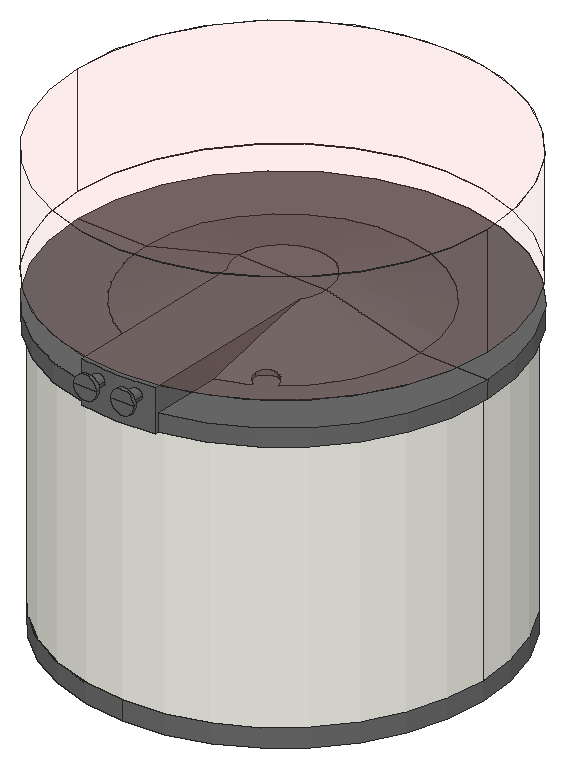
Revit family
Parameters (values of type "1098A")
  Watermarked By = "http://revitwatermark.com"
  Water_Ice Tank Volume = "980 Gallons"
  Warning = "Ice tanks are a component in an ice storage system including chillers, pumps, and controls. Contact CALMAC for IceBank® selection support to make sure all system components will work together properly."
  URL = "http://www.calmac.com/"
  Total Cooling Capacity [instance] = 0.0 ton
  Tank Net Usable Capacity = "98 Ton-Hrs"
  Surface Finish = Plastic- Calmac- Black
  Supply Coolant Temperature [instance] = -459.67 °F
  Storage Inlet Temperature [instance] = 60 °F
  Shipping Weight = 1225.00 lbf
  Return Coolant Temperature [instance] = -459.67 °F
  Requires Plate Heat Exchanger [instance] = no
  Project/Customer = ""
  Product Page URL = "http://www.calmac.com/products/icebank.asp"
  Product Documentation Link = "http://www.calmac.com/products/documents/IceBankModel1098ACS-25June2009.pdf"
  Pressure Drop [instance] = 0.00 psi
  Precool Hours [instance] = 0
  Pipe Material = Plastic- Calmac- Black
  Operating Weight = 10100.00 lbf
  Occupied Hours [instance] = 0
  Model = "1098A"
  Maximum Operating Temperature = "38°C"
  Maximum Operating Pressure = "620 kPa"
  Manufacturer e-mail = "info@Calmac.com"
  Manufacturer Contact Details = "CALMAC Manufacturing Corporation Headquarters, 3-00 Banta Place, Fair Lawn, NJ  07410, Tel: (201) 797-1511, Fax: (201) 797-1522"
  Manufacturer = "CALMAC Manufacturing Corp."  # constant formula
  Main Use [instance] = ""
  Location [instance] = ""
  Lid Diameter = 7' - 5"  # constant formula
  Leg 4 = 3' - 8 1/2"  # constant formula
  Leg 1 = 3' - 8 1/2"  # constant formula
  Latent Cooling Capacity [instance] = 0.0 ton
  Inlet Outlet Center Height = 5' - 5 1/2"  # constant formula
  Heat Exchanger Volume = "980 Gallons"
  Has Rigging Bar [instance] = no
  Has Plate and Frame Heat Exchanger [instance] = no
  Has Ice Inventory Meter [instance] = no
  Has Heat Transfer Fluid [instance] = no
  Has Glycol Management System [instance] = no
  Front Connector Offset = 4' - 0 1/2"  # constant formula
  Floor Loading Weight = "234 lb/sq.ft."
  Factory Tested Pressure = "1724 kPa"
  Diversity Factor [instance] = 0
  Discharge Rate [instance] = 0
  Discharge Hours [instance] = 0
  Description = "Off-Peak Cooling System"
  Is Clearance Box Visible [instance] = yes
  Clearance Box Height = 2' - 0"  # constant formula
  City/State [instance] = ""
  CTRL On = yes
  CTRL Off = not(CTRL On)  # no
  CTRL Hydronic Supply Description = "Hydronic Supply"  # constant formula
  CTRL Hydronic Return Description = "Hydronic Return"  # constant formula
  CTRL Base Radius = 3' - 7 31/64"  # constant formula
  Body Material = Plastic- Calmac- Off_White
  Has Solid Base [instance] = yes
  Base Height = Inlet Outlet Center Height - 0' 6 1/4"  # 4' - 11 1/4"
  Base Finish = Plastic- Calmac- Black
  Assembly Code = "D3030300"
  Actual Chilled Water Flow [instance] = 0 GPM
Values of the unnamed type that differ from the named types
  Watermarked By = ""
Reference planes (in)
  plane 1 "Center (Front/Back)": y = 0
  plane 2 "Bottom": z = 0
  plane 3 "Center (Left/Right)": x = 0
  plane 4 "T.O. Base": z = 59
  plane 5 "Inlet/Outlet Center (Elevation)": z = 65.5
  plane 6 "Right": x = 44.5
  plane 7 "Left": x = -44.5
  plane 8 "Connector Front Face": y = -48.5
  plane 9 "T.O. Lid": z = 68
  plane 10 "Top": z = 92.25
  plane 11 "Lid Front": y = -44.5
  plane 12 "Back": y = 44.5
  plane 13 "Right Connector Center (L/R)": x = 3.99933
  plane 14 "Left Connector Center(L/R)": x = -3.99016
Dimensions and locks (in)
  "Leg 1": plane 3 "Center (Left/Right)" to plane 6 "Right"
  "Leg 4": plane 7 "Left" to plane 3 "Center (Left/Right)"
  "Front Connector Offset": plane 8 "Connector Front Face" to plane 1 "Center (Front/Back)"
  "Inlet Outlet Center Height": plane 5 "Inlet/Outlet Center (Elevation)" to plane 2 "Bottom"
  locked: plane 5 "Inlet/Outlet Center (Elevation)" to plane 4 "T.O. Base" at 6.5
  locked: plane 9 "T.O. Lid" to plane 5 "Inlet/Outlet Center (Elevation)" at 2.5
  locked: plane 10 "Top" to plane 5 "Inlet/Outlet Center (Elevation)" at 26.75
  locked: plane 1 "Center (Front/Back)" to plane 12 "Back" at 44.5
  locked: plane 11 "Lid Front" to plane 1 "Center (Front/Back)" at 44.5
  locked: plane 13 "Right Connector Center (L/R)" to plane 3 "Center (Left/Right)" at 3.99933
  locked: plane 3 "Center (Left/Right)" to plane 14 "Left Connector Center(L/R)" at 3.99016
  aligned and locked: plane 1 "Center (Front/Back)" to nested 1
  aligned and locked: plane 3 "Center (Left/Right)" to nested 1
  aligned and locked: plane 1 "Center (Front/Back)" to nested 2
  aligned: plane 4 "T.O. Base" to nested 2
  aligned and locked: plane 4 "T.O. Base" to nested 2
  aligned and locked: plane 3 "Center (Left/Right)" to nested 2
  aligned and locked: plane 2 "Bottom" to nested 1
Nested families (in)
  nested 1: "Cooling_Plant_Accessories-Calmac-IceBank-Base" at (0, 0, 0), type "Base"
    with Is Symbolic Line Visible no, Has Solid Base yes, CTRL Inner Wall Radius 3' - 6 39/64", CTRL Base Radius 3' - 7 31/64", Base Height 4' - 11 1/4"
  nested 2: "Cooling_Plant_Accessories-Calmac-IceBank-Lid_A" at (0, 0, 59), Is Clearance Box Visible <- "Is Clearance Box Visible", Clearance Box Height <- "Clearance Box Height", Diameter <- "Lid Diameter", type "Lid-A"
    with Is Clearance Box Visible yes, Diameter 7' - 5", Clearance Box Height 2' - 0", CTRL Symbolic Line Offset 0' - 6", CTRL Radius 3' - 8 1/2", CTRL Clearance Box Height 2' - 9"
Connectors (in)
  piping at (-3.99016, -48.5, 65.5), driven by "CTRL Hydronic Supply Description", driven by "Actual Chilled Water Flow"
    settings: on nested 2, index 1, connector radius 1", flow factor 0, pipe flow 0 GPM, pressure drop 0.00 psi, fitting loss kfactor 0, connector angle 0.00°, fixture units 0, flow configuration 0, flow direction 2, fitting loss method 0, system type 7, connector reference index -1, connector utility 0, adjustable connector no, is connector primary yes, fitting loss table "", connector description "Hydronic Supply"
  piping at (3.99933, -48.5, 65.5), driven by "Actual Chilled Water Flow", driven by "CTRL Hydronic Return Description"
    settings: on nested 2, index 2, connector radius 1", flow factor 0, pipe flow 0 GPM, pressure drop 0.00 psi, fitting loss kfactor 0, connector angle 0.00°, fixture units 0, flow configuration 0, flow direction 1, fitting loss method 0, system type 8, connector reference index -1, connector utility 0, adjustable connector no, is connector primary no, fitting loss table "", connector description "Hydronic Return"
Definition of nested family "Cooling_Plant_Accessories-Calmac-IceBank-Base"
  Parameters (values of type "Base")
    Wall Thickness = 0' - 0 7/8"
    URL = "http://www.calmac.com/"
    Type Comments = ""
    Is Symbolic Line Visible = not(Has Solid Base)  # yes
    Has Solid Base = no
    Model = ""
    Manufacturer = "CALMAC Manufacturing Corp."  # constant formula
    CTRL Inner Wall Radius = CTRL Base Radius - Wall Thickness  # 3' - 0"
    CTRL Base Radius = 3' - 0 7/8"
    Body Material = Plastic- Calmac- Off_White
    Base Height = 3' - 7 5/16"
    Base Finish = Plastic- Calmac- Black
    Assembly Code = "D3030"
  Reference planes (in)
    plane 1 "Center (Front/Back)": y = 0
    plane 2 "Bottom": z = 0
    plane 3 "Center (Left/Right)": x = 0
    plane 4 "Back": y = 36.875
    plane 5 "Front": y = -36.875
    plane 6 "Right": x = 36.875
    plane 7 "Left": x = -36.875
    plane 8 "T.O. Base Plate": z = 4
    plane 9 "Right Edge of Right Void": x = 24.125
    plane 10 "Left Edge of Right Void": x = 13.125
    plane 11 "Left Edge of Left Void": x = -24.125
    plane 12 "Right Edge of Left Void": x = -13.125
    plane 13 "T.O. Base Void": z = 2
    plane 14 "T.O. Base": z = 43.3125
  Forms (in)
    Extrusion 1, solid, material "Plastic- Calmac- Black" <- "Base Finish", visible <- "Is Symbolic Line Visible", detail levels fine
      sketch origin (0, 0, 0) x (1, 0, 0) y (0, 1, 0)
        loop
          circle (0, 0) r 36.875
      from 0 to 4
    Extrusion 2, void
      sketch origin (0, 0, 0) x (1, 0, 0) y (0, 1, 0)
        loop
          line (-24.125, 36.875) -> (-24.125, -36.875) -> (-13.125, -36.875) -> (-13.125, 36.875) -> (-24.125, 36.875)
        loop
          line (13.125, 36.875) -> (13.125, -36.875) -> (24.125, -36.875) -> (24.125, 36.875) -> (13.125, 36.875)
      from 0 to 2
    Extrusion 3, solid, material "Plastic- Calmac- Off_White" <- "Body Material", detail levels fine
      sketch origin (0, 0, 0) x (1, 0, 0) y (0, 1, 0)
        loop
          circle (0, 0) r 36.875
        loop
          circle (0, 0) r 36
      from 4 to 43.3125
    Extrusion 4, solid, material "Plastic- Calmac- Black" <- "Base Finish", visible <- "Has Solid Base", detail levels fine
      sketch origin (0, 0, 43.3125) x (0, -1, 0) y (1, 0, 0)
        loop
          circle (0, 0) r 36.875
      from -43.3125 to -39.3125
  Cuts and joins
    Extrusion 2 cuts Extrusion 3
    Extrusion 2 cuts Extrusion 1
  Lines and regions (in)
    Masking region 1
      outline origin (0, 0, 0) x (1, 0, 0) y (0, 1, 0)
        loop
          circle (0, 0) r 36.875
    Masking region 2
      outline origin (0, 0, 0) x (1, 0, 0) y (0, 0, 1)
        loop
          line (-36.875, 0) -> (36.875, 0) -> (36.875, 43.3125) -> (-36.875, 43.3125) -> (-36.875, 0)
    Masking region 3
      outline origin (0, 0, 0) x (0, 1, 0) y (0, 0, 1)
        loop
          line (-36.875, 0) -> (36.875, 0) -> (36.875, 43.3125) -> (-36.875, 43.3125) -> (-36.875, 0)
    symbolic lines, style "Base", detail levels medium+fine
      curve 1: line (-36.875, 0, 4) -> (36.875, 0, 4)
      curve 8: line (0, -36.875, 4) -> (0, 36.875, 4)
    symbolic lines, style "Base", visible <- "Is Symbolic Line Visible", detail levels medium+fine
      curve 2: line (-24.125, 0, 0) -> (-24.125, 0, 2)
      curve 3: line (-24.125, 0, 2) -> (-13.125, 0, 2)
      curve 4: line (13.125, 0, 2) -> (24.125, 0, 2)
      curve 5: line (13.125, 0, 0) -> (13.125, 0, 2)
      curve 6: line (24.125, 0, 0) -> (24.125, 0, 2)
      curve 7: line (-13.125, 0, 0) -> (-13.125, 0, 2)
    model lines, style "Base", detail levels medium
      curve 9: circle (0, 0, 43.3125) r 36.875 normal (0, 0, 1)
      curve 10: circle (0, 0, 4) r 36.875 normal (0, 0, 1)
      curve 11: circle (0, 0, 0) r 36.875 normal (0, 0, 1)
      curve 12: line (36.875, 0, 0) -> (36.875, 0, 43.3125)
      curve 13: line (-36.875, 0, 0) -> (-36.875, 0, 43.3125)
      curve 14: line (0, -36.875, 0) -> (0, -36.875, 43.3125)
      curve 15: line (0, 36.875, 0) -> (0, 36.875, 43.3125)
    model lines, style "Base", detail levels coarse
      curve 16: line (0, 0, 0) -> (0, 0, 43.3125)
  Dimensions and locks (in)
    locked: plane 7 "Left" to plane 11 "Left Edge of Left Void" at 12.75
    locked: plane 7 "Left" to plane 12 "Right Edge of Left Void" at 23.75
    locked: plane 9 "Right Edge of Right Void" to plane 6 "Right" at 12.75
    locked: plane 10 "Left Edge of Right Void" to plane 6 "Right" at 23.75
    "CTRL Base Radius": plane 7 "Left" to plane 3 "Center (Left/Right)"
    "CTRL Base Radius": plane 3 "Center (Left/Right)" to plane 6 "Right"
    "CTRL Base Radius": plane 1 "Center (Front/Back)" to plane 4 "Back"
    "CTRL Base Radius": plane 5 "Front" to plane 1 "Center (Front/Back)"
    locked: plane 8 "T.O. Base Plate" to plane 2 "Bottom" at 4
    "Base Height": plane 14 "T.O. Base" to plane 2 "Bottom"
    locked: plane 13 "T.O. Base Void" to plane 2 "Bottom" at 2
    "CTRL Base Radius": radius of Extrusion 1 sketch curve
    "CTRL Base Radius": radius of Extrusion 3 sketch curve
    "CTRL Inner Wall Radius": radius of Extrusion 3 sketch curve
    "CTRL Base Radius": radius of Masking region 1 sketch curve
    "CTRL Base Radius": radius of curve 9
    "CTRL Base Radius": radius of curve 10
    "CTRL Base Radius": radius of curve 11
    "CTRL Base Radius": radius of Extrusion 4 sketch curve
    aligned and locked: plane 3 "Center (Left/Right)" to Extrusion 1 sketch curve
    aligned and locked: plane 1 "Center (Front/Back)" to Extrusion 1 sketch curve
    aligned and locked: Extrusion 1 to plane 2 "Bottom"
    aligned and locked: plane 8 "T.O. Base Plate" to Extrusion 1
    aligned and locked: plane 2 "Bottom" to Extrusion 1
    aligned and locked: Extrusion 2 sketch curve to plane 4 "Back"  (x2)
    aligned and locked: Extrusion 2 sketch curve to plane 12 "Right Edge of Left Void"
    aligned and locked: plane 11 "Left Edge of Left Void" to Extrusion 2 sketch curve
    aligned and locked: Extrusion 2 sketch curve to plane 5 "Front"  (x2)
    aligned and locked: Extrusion 2 sketch curve to plane 10 "Left Edge of Right Void"
    aligned and locked: Extrusion 2 sketch curve to plane 9 "Right Edge of Right Void"
    aligned and locked: plane 13 "T.O. Base Void" to Extrusion 2
    aligned and locked: Extrusion 2 to plane 2 "Bottom"
    aligned and locked: Extrusion 2 to plane 5 "Front"
    aligned and locked: plane 4 "Back" to Extrusion 2
    aligned and locked: Extrusion 2 to plane 13 "T.O. Base Void"  (x2)
    aligned and locked: plane 11 "Left Edge of Left Void" to Extrusion 2
    aligned and locked: plane 2 "Bottom" to Extrusion 2  (x2)
    aligned and locked: Extrusion 2 to plane 12 "Right Edge of Left Void"
    aligned and locked: plane 10 "Left Edge of Right Void" to Extrusion 2
    aligned and locked: Extrusion 2 to plane 9 "Right Edge of Right Void"
    aligned and locked: plane 3 "Center (Left/Right)" to Extrusion 3 sketch curve  (x2)
    aligned and locked: plane 1 "Center (Front/Back)" to Extrusion 3 sketch curve  (x2)
    aligned and locked: Extrusion 3 to plane 8 "T.O. Base Plate"
    aligned and locked: plane 14 "T.O. Base" to Extrusion 3
    aligned and locked: plane 3 "Center (Left/Right)" to Masking region 1 sketch curve
    aligned and locked: plane 1 "Center (Front/Back)" to Masking region 1 sketch curve
    aligned and locked: Masking region 2 sketch curve to plane 14 "T.O. Base"
    aligned and locked: plane 6 "Right" to Masking region 2 sketch curve
    aligned and locked: plane 2 "Bottom" to Masking region 2 sketch curve
    aligned and locked: Masking region 2 sketch curve to plane 7 "Left"
    aligned and locked: plane 7 "Left" to curve 1
    aligned and locked: plane 6 "Right" to curve 1
    aligned and locked: curve 1 to plane 8 "T.O. Base Plate"
    aligned and locked: plane 11 "Left Edge of Left Void" to curve 3
    aligned and locked: plane 12 "Right Edge of Left Void" to curve 3
    aligned and locked: curve 3 to plane 13 "T.O. Base Void"
    aligned and locked: plane 2 "Bottom" to curve 2
    aligned and locked: curve 2 to plane 11 "Left Edge of Left Void"
    aligned and locked: plane 10 "Left Edge of Right Void" to curve 4
    aligned and locked: plane 9 "Right Edge of Right Void" to curve 4
    aligned and locked: plane 13 "T.O. Base Void" to curve 5
    aligned and locked: plane 13 "T.O. Base Void" to curve 6
    aligned and locked: plane 2 "Bottom" to curve 5
    aligned and locked: curve 5 to plane 10 "Left Edge of Right Void"
    aligned and locked: curve 6 to plane 9 "Right Edge of Right Void"
    aligned and locked: plane 13 "T.O. Base Void" to curve 7
    aligned and locked: plane 2 "Bottom" to curve 7
    aligned and locked: curve 7 to plane 12 "Right Edge of Left Void"
    aligned and locked: plane 5 "Front" to Masking region 3 sketch curve
    aligned and locked: plane 14 "T.O. Base" to Masking region 3 sketch curve
    aligned and locked: Masking region 3 sketch curve to plane 4 "Back"
    aligned and locked: plane 2 "Bottom" to Masking region 3 sketch curve
    aligned and locked: plane 4 "Back" to curve 8
    aligned and locked: plane 5 "Front" to curve 8
    aligned and locked: curve 8 to plane 8 "T.O. Base Plate"
    aligned and locked: plane 3 "Center (Left/Right)" to curve 9
    aligned and locked: plane 1 "Center (Front/Back)" to curve 9
    aligned and locked: curve 9 to plane 14 "T.O. Base"
    aligned and locked: curve 10 to plane 8 "T.O. Base Plate"
    aligned and locked: plane 3 "Center (Left/Right)" to curve 10
    aligned and locked: plane 1 "Center (Front/Back)" to curve 10
    aligned: curve 11 to plane 2 "Bottom"
    aligned and locked: plane 3 "Center (Left/Right)" to curve 11
    aligned and locked: plane 1 "Center (Front/Back)" to curve 11
    aligned and locked: plane 14 "T.O. Base" to curve 12
    aligned and locked: plane 14 "T.O. Base" to curve 13
    aligned and locked: plane 2 "Bottom" to curve 12
    aligned and locked: plane 2 "Bottom" to curve 13
    aligned and locked: curve 12 to plane 6 "Right"
    aligned and locked: curve 13 to plane 7 "Left"
    aligned and locked: curve 12 to plane 1 "Center (Front/Back)"
    aligned and locked: curve 13 to plane 1 "Center (Front/Back)"
    aligned and locked: plane 14 "T.O. Base" to curve 14
    aligned and locked: plane 14 "T.O. Base" to curve 15
    aligned and locked: plane 2 "Bottom" to curve 14
    aligned and locked: plane 2 "Bottom" to curve 15
    aligned and locked: plane 4 "Back" to curve 15
    aligned and locked: plane 5 "Front" to curve 14
    aligned and locked: plane 3 "Center (Left/Right)" to curve 14
    aligned and locked: plane 3 "Center (Left/Right)" to curve 15
    aligned and locked: plane 14 "T.O. Base" to curve 16
    aligned and locked: plane 2 "Bottom" to curve 16
    aligned and locked: plane 3 "Center (Left/Right)" to curve 16
    aligned and locked: curve 16 to plane 1 "Center (Front/Back)"
    aligned and locked: plane 1 "Center (Front/Back)" to Extrusion 4 sketch curve
    aligned and locked: plane 3 "Center (Left/Right)" to Extrusion 4 sketch curve
    aligned and locked: plane 8 "T.O. Base Plate" to Extrusion 4
    aligned and locked: Extrusion 4 to plane 2 "Bottom"
  Automatic sketch dimensions
    curve 6 to level = 0' - 0"
Definition of nested family "Cooling_Plant_Accessories-Calmac-IceBank-Lid_A"
  Parameters (values of type "Lid_A")
    Surface Finish = Default
    Pipe Material = none
    Diameter [instance] = 6' - 1 3/4"
    Is Clearance Box Visible [instance] = yes
    Clearance Box Height [instance] = 2' - 0"
    CTRL Symbolic Line Offset [instance] = 0' - 6"
    CTRL Radius [instance] = Diameter / 2  # 3' - 0 7/8"
    CTRL Clearance Box Height [instance] = Clearance Box Height + 0' 9"  # 2' - 9"
  Reference planes (in)
    plane 1 "Center (Front/Back)": y = 0
    plane 2 "Bottom": z = 0
    plane 3 "Center (Left/Right)": x = 0
    plane 4 "Back": y = 36.875
    plane 5 "Back Inset": y = 33.06
    plane 6 "Back Bolt Front": y = 33.873
    plane 7 "Front": y = -36.875
    plane 8 "Front Inset": y = -33.06
    plane 9 "Left": x = -36.875
    plane 10 "Left Lip Inset": x = -33.06
    plane 11 "Top Left": x = -9.54335
    plane 12 "Right": x = 36.875
    plane 13 "Top Right": x = 9.54335
    plane 14 "Top": z = 9
    plane 15 "Connector Center(Elevation)": z = 3.75
    plane 16 "Connector Channel Top": z = 8
    plane 17 "Bolt Inset Center": y = 34.87422
    plane 18 "Right Lip Inset": x = 33.06
    plane 19 "Center Offset Right 6": x = 7.19935
    plane 20 "Center OffSet Right 5": x = 6.29557
    plane 21 "Center Offset Right 4": x = 4.96584
    plane 22 "Center Offset Right 2": x = 3.03282
    plane 23 "Center Offset Right 1": x = 1.70309
    plane 24 "Center Offset Right 3": x = 3.99933
    plane 25 "Center Offset Left 6": x = -7.19935
    plane 26 "Center Offset Left 5": x = -6.2864
    plane 27 "Center Offset Left 4": x = -4.95667
    plane 28 "Center Offset Left 2": x = -3.02365
    plane 29 "Center Offset Left 1": x = -1.69392
    plane 30 "Center Offset Left 3": x = -3.99016
    plane 31 "Front Offset 1": y = -37.46731
    plane 32 "Center Offset 2": y = -9.54335
    plane 33 "Center Offset 1": y = -5.20418
    plane 34 "Front Offset 3": y = -40.875
    plane 35 "Front Offset 2": y = -40.25145
    plane 36 "Raised Geometry Right": x = 7.9995
    plane 37 "Raised Geometry Left": x = -7.9995
    plane 38 "Bolt Inset Right": x = 1
    plane 39 "Bolt Inset Left": x = -1
    plane 40: x = 15.52399
    plane 41 "Inspection Port Center (Front/ Back)": y = -23.90104
    plane 42 "T.O. Cllearance Box": z = 33
    plane 43: z = 8.75
    plane 44 "Connectors": z = 6.5
  Forms (in)
    Revolve 1, solid, material "Default" <- "Surface Finish", detail levels fine
      sketch origin (0, 0, 0) x (1, 0, 0) y (0, 0, 1)
        loop
          line (0, 9) -> (0, 0) -> (36.875, 0) -> (36.875, 3.75) -> (22.05979, 3.75) -> (9.54335, 9) -> (0, 9)
        axis (0, 9) -> (0, 0)
      angle from 0 to 360
    Extrusion 2, solid, material "Default" <- "Surface Finish", detail levels fine
      sketch origin (0, 0, 9) x (-1, 0, 0) y (0, -1, 0)
        loop
          arc (7.9995, 36.87418) -> (0.00004, 37.5924) -> (-7.9995, 36.875) r 44.93344
          line (-7.9995, 36.875) -> (-7.9995, 5.20418) -> (7.9995, 5.20418) -> (7.9995, 36.87418)
      from -9 to 0
    Extrusion 3, void
      sketch origin (0, 0, 9) x (-1, 0, 0) y (0, -1, 0)
        loop
          circle (-15.52399, 23.90104) r 2.46875
      from -5.25 to -1
  Cuts and joins
    Extrusion 3 cuts Revolve 1
    Extrusion 3 cuts Extrusion 2
    joined: Revolve 1, Extrusion 2
  Lines and regions (in)
    Masking region 1
      outline origin (0, 0, 3.75) x (-1, 0, 0) y (0, -1, 0)
        loop
          arc (36.83195, -1.78166) -> (29.31329, 22.3718) -> (7.9995, 35.99687) r 36.87501
          line (7.9995, 35.99687) -> (7.9995, 36.875) -> (-7.9995, 36.875) -> (-7.9995, 35.99687)
          arc (-7.9995, 35.99687) -> (-28.78844, 23.04328) -> (-36.87493, -0.0778) r 36.87501
          arc (-36.87493, -0.0778) -> (-0.8522, -36.86517) -> (36.83195, -1.78166) r 36.87501
    Masking region 2
      outline origin (0, -36.875, 0) x (1, 0, 0) y (0, 0, 1)
        loop
          line (-36.875, 0) -> (36.875, 0) -> (36.875, 3.75) -> (22.05979, 3.75) -> (9.54335, 9) -> (-9.54335, 9) -> (-22.05979, 3.75) -> (-36.875, 3.75) -> (-36.875, 0)
    Masking region 3
      outline origin (0, 0, 0) x (0, 1, 0) y (0, 0, 1)
        loop
          line (-37.46731, 0) -> (36.875, 0) -> (36.875, 3.75) -> (22.05979, 3.75) -> (9.54335, 9) -> (-37.46731, 9) -> (-37.46731, 0)
    model lines, style "Thermal Energy Storage", detail levels medium
      curve 1: arc (36.875, 0, 0) -> (36.7349, 3.21136, 0) -> (36.31566, 6.39832, 0) r 36.875
      curve 2: arc (36.31566, 6.39832, 0) -> (-36.7349, -3.21136, 0) -> (36.875, 0, 0) r 36.875
      curve 3: arc (-33.03411, -2.90444, 3.75) -> (-0.77581, 31.45886, 3.75) -> (33.0593, -1.35303, 3.75) r 33.06016
      curve 4: arc (33.0593, -1.35303, 3.75) -> (0.77581, -34.64326, 3.75) -> (-33.03411, -2.90444, 3.75) r 33.06016
      curve 5: line (-7.9995, -5.20418, 9) -> (-7.9995, -36.875, 9)
      curve 6: line (7.9995, -5.20418, 9) -> (7.9995, -36.875, 9)
      curve 7: line (-7.9995, -36.875, 9) -> (7.9995, -36.875, 9)
      curve 8: line (-7.9995, -36.875, 9) -> (-7.9995, -36.875, 0)
      curve 9: line (7.9995, -36.875, 9) -> (7.9995, -36.875, 0)
    model lines, style "Thermal Energy Storage", detail levels coarse
      curve 10: line (0, 0, 9) -> (0, 0, 0)
      curve 11: line (-36.875, 0, 9) -> (36.875, 0, 9)
      curve 12: line (0, 36.875, 9) -> (0, -37.46731, 9)
    symbolic lines, style "Thermal Energy Storage", detail levels medium+fine
      curve 13: line (-7.9995, -5.20418, 9) -> (-7.9995, -36.875, 9)
      curve 14: line (7.9995, -5.20418, 9) -> (7.9995, -36.875, 9)
      curve 15: arc (7.9995, -5.20418, 9) -> (0, 9.54335, 9) -> (-7.9995, -5.20418, 9) r 9.54335
      curve 16: arc (-33.06, 0, 9) -> (20.35314, 26.05213, 9) -> (7.9995, -32.07759, 9) r 33.06
      curve 17: arc (-33.06, 0, 9) -> (-26.05213, -20.35313, 9) -> (-7.9995, -32.07759, 9) r 33.06
      curve 21: circle (15.52399, -23.90104, 9) r 2.46875 normal (0, 0, 1)
      curve 22: line (-33.06, -36.875, 3.75) -> (33.06, -36.875, 3.75)
      curve 23: line (0, -37.46731, 3.75) -> (0, 33.06, 3.75)
      curve 24: line (0, -33.06, 3.75) -> (0, -5.20418, 9)
    symbolic lines, style "Thermal Energy Storage", not visible, detail levels medium+fine
      curve 18: arc (17.90724, 30.02329, 9) -> (18.26558, 28.67854, 9) -> (19.62099, 28.99417, 9) r 1
      curve 19: line (17.90724, 30.02329, 9) -> (18.91964, 31.59438, 9)
      curve 20: line (20.59914, 30.51212, 9) -> (19.62099, 28.99417, 9)
  Dimensions and locks (in)
    locked: plane 14 "Top" to plane 2 "Bottom" at 9
    locked: plane 16 "Connector Channel Top" to plane 2 "Bottom" at 8
    locked: plane 15 "Connector Center(Elevation)" to plane 2 "Bottom" at 3.75
    locked: plane 9 "Left" to plane 10 "Left Lip Inset" at 3.815
    "Diameter": plane 9 "Left" to plane 12 "Right"
    "Diameter": plane 7 "Front" to plane 4 "Back"
    locked: plane 3 "Center (Left/Right)" to plane 13 "Top Right" at 9.54335
    locked: plane 11 "Top Left" to plane 3 "Center (Left/Right)" at 9.54335
    locked: plane 17 "Bolt Inset Center" to plane 4 "Back" at 2.00078
    locked: plane 6 "Back Bolt Front" to plane 4 "Back" at 3.002
    locked: plane 5 "Back Inset" to plane 4 "Back" at 3.815
    locked: plane 8 "Front Inset" to plane 7 "Front" at 3.815
    equal spacing: plane 22 "Center Offset Right 2", plane 24 "Center Offset Right 3", plane 21 "Center Offset Right 4"
    equal spacing: plane 23 "Center Offset Right 1", plane 24 "Center Offset Right 3", plane 20 "Center OffSet Right 5"
    equal spacing: plane 28 "Center Offset Left 2", plane 30 "Center Offset Left 3", plane 27 "Center Offset Left 4"
    equal spacing: plane 29 "Center Offset Left 1", plane 30 "Center Offset Left 3", plane 26 "Center Offset Left 5"
    locked: plane 30 "Center Offset Left 3" to plane 3 "Center (Left/Right)" at 3.99016
    locked: plane 3 "Center (Left/Right)" to plane 24 "Center Offset Right 3" at 3.99933
    locked: plane 22 "Center Offset Right 2" to plane 21 "Center Offset Right 4" at 1.93302
    locked: plane 27 "Center Offset Left 4" to plane 28 "Center Offset Left 2" at 1.93302
    locked: plane 23 "Center Offset Right 1" to plane 20 "Center OffSet Right 5" at 4.59248
    locked: plane 26 "Center Offset Left 5" to plane 29 "Center Offset Left 1" at 4.59248
    equal spacing: plane 25 "Center Offset Left 6", plane 3 "Center (Left/Right)", plane 19 "Center Offset Right 6"
    locked: plane 25 "Center Offset Left 6" to plane 19 "Center Offset Right 6" at 14.39869
    equal spacing: plane 4 "Back", plane 1 "Center (Front/Back)", plane 7 "Front"
    locked: plane 18 "Right Lip Inset" to plane 12 "Right" at 3.815
    equal spacing: plane 9 "Left", plane 3 "Center (Left/Right)", plane 12 "Right"
    locked: plane 7 "Front" to plane 31 "Front Offset 1" at 0.59231
    locked: plane 7 "Front" to plane 34 "Front Offset 3" at 4
    locked: plane 33 "Center Offset 1" to plane 1 "Center (Front/Back)" at 5.20418
    locked: plane 32 "Center Offset 2" to plane 1 "Center (Front/Back)" at 9.54335
    locked: plane 37 "Raised Geometry Left" to plane 3 "Center (Left/Right)" at 7.9995
    locked: plane 3 "Center (Left/Right)" to plane 36 "Raised Geometry Right" at 7.9995
    locked: plane 39 "Bolt Inset Left" to plane 3 "Center (Left/Right)" at 1
    locked: plane 3 "Center (Left/Right)" to plane 38 "Bolt Inset Right" at 1
    locked: plane 3 "Center (Left/Right)" to plane 40 at 15.52399
    locked: plane 41 "Inspection Port Center (Front/ Back)" to plane 1 "Center (Front/Back)" at 23.90104
    "CTRL Clearance Box Height": plane 42 "T.O. Cllearance Box" to plane 2 "Bottom"
    locked: plane 35 "Front Offset 2" to plane 34 "Front Offset 3" at 0.62355
    plane 14 "Top" to plane 2 "Bottom" = 0' - 9"
    locked: plane 14 "Top" to plane 44 "Connectors" at 2.5
    radius of Extrusion 2 sketch curve = 3' - 8.93344"
    aligned and locked: Extrusion 2 to plane 2 "Bottom"
    aligned: plane 16 "Connector Channel Top" to Extrusion 2
    aligned and locked: plane 14 "Top" to Extrusion 2
    aligned and locked: plane 36 "Raised Geometry Right" to Extrusion 2 sketch curve
    aligned and locked: plane 33 "Center Offset 1" to Extrusion 2 sketch curve
    aligned and locked: Extrusion 2 sketch curve to plane 37 "Raised Geometry Left"
    aligned and locked: plane 7 "Front" to Extrusion 2 sketch curve
    aligned and locked: nested 1 to plane 30 "Center Offset Left 3"
    aligned and locked: nested 2 to plane 34 "Front Offset 3"
    aligned and locked: plane 24 "Center Offset Right 3" to nested 2
    aligned: plane 15 "Connector Center(Elevation)" to nested 2
    aligned and locked: plane 3 "Center (Left/Right)" to curve 4
    aligned and locked: plane 3 "Center (Left/Right)" to curve 3
    aligned and locked: plane 33 "Center Offset 1" to curve 5
    aligned and locked: plane 7 "Front" to curve 6
    aligned and locked: plane 7 "Front" to curve 5
    aligned and locked: plane 36 "Raised Geometry Right" to curve 6
    aligned and locked: plane 37 "Raised Geometry Left" to curve 5
    aligned and locked: plane 14 "Top" to curve 6
    aligned and locked: plane 14 "Top" to curve 5
    aligned and locked: curve 7 to plane 7 "Front"
    aligned and locked: plane 14 "Top" to curve 9
    aligned and locked: plane 2 "Bottom" to curve 9
    aligned and locked: plane 14 "Top" to curve 8
    aligned and locked: plane 2 "Bottom" to curve 8
    aligned and locked: plane 36 "Raised Geometry Right" to curve 9
    aligned and locked: plane 37 "Raised Geometry Left" to curve 8
    aligned and locked: curve 9 to plane 7 "Front"
    aligned and locked: curve 8 to plane 7 "Front"
    aligned and locked: plane 14 "Top" to curve 10
    aligned and locked: plane 2 "Bottom" to curve 10
    aligned and locked: curve 10 to plane 3 "Center (Left/Right)"
    aligned and locked: plane 1 "Center (Front/Back)" to curve 10
    aligned and locked: plane 12 "Right" to curve 11
    aligned and locked: plane 9 "Left" to curve 11
    aligned and locked: plane 1 "Center (Front/Back)" to curve 11
    aligned and locked: curve 11 to plane 14 "Top"
    aligned and locked: plane 4 "Back" to curve 12
    aligned and locked: curve 12 to plane 3 "Center (Left/Right)"
    aligned and locked: plane 31 "Front Offset 1" to curve 12
    aligned and locked: plane 14 "Top" to cut or joined group of Revolve 1, Extrusion 2, Extrusion 3
    aligned and locked: plane 7 "Front" to curve 14
    aligned and locked: plane 7 "Front" to curve 13
    aligned and locked: plane 1 "Center (Front/Back)" to curve 15
    aligned and locked: plane 3 "Center (Left/Right)" to curve 15
    aligned and locked: plane 1 "Center (Front/Back)" to cut or joined group of Revolve 1, Extrusion 2, Extrusion 3
    aligned and locked: plane 1 "Center (Front/Back)" to curve 17
    aligned and locked: cut or joined group of Revolve 1, Extrusion 2, Extrusion 3 to Masking region 1 sketch curve  (x2)
    aligned and locked: plane 36 "Raised Geometry Right" to Masking region 1 sketch curve
    aligned and locked: plane 40 to Extrusion 3 sketch curve
    aligned and locked: plane 41 "Inspection Port Center (Front/ Back)" to Extrusion 3 sketch curve
    aligned and locked: Extrusion 3 to plane 15 "Connector Center(Elevation)"
    aligned and locked: plane 16 "Connector Channel Top" to Extrusion 3
    aligned and locked: plane 1 "Center (Front/Back)" to nested 3
    aligned and locked: plane 3 "Center (Left/Right)" to nested 3
    aligned and locked: plane 40 to curve 21
    aligned and locked: plane 41 "Inspection Port Center (Front/ Back)" to curve 21
    aligned and locked: plane 3 "Center (Left/Right)" to nested 24
    aligned and locked: plane 1 "Center (Front/Back)" to nested 24
    aligned: plane 2 "Bottom" to nested 24
    aligned: plane 14 "Top" to nested 24  (x2)
    aligned: plane 42 "T.O. Cllearance Box" to nested 24
    aligned: nested 24 to plane 42 "T.O. Cllearance Box"
    aligned and locked: nested 24 to plane 12 "Right"
    aligned and locked: nested 24 to plane 9 "Left"
    aligned and locked: plane 15 "Connector Center(Elevation)" to Masking region 2 sketch curve
    aligned and locked: Masking region 2 sketch curve to plane 9 "Left"
    aligned and locked: plane 2 "Bottom" to Masking region 2 sketch curve
    aligned and locked: Masking region 2 sketch curve to plane 11 "Top Left"
    aligned and locked: plane 14 "Top" to Masking region 2 sketch curve
    aligned and locked: Masking region 2 sketch curve to plane 13 "Top Right"
    aligned and locked: Masking region 2 sketch curve to plane 15 "Connector Center(Elevation)"
    aligned and locked: plane 12 "Right" to Masking region 2 sketch curve
    aligned and locked: curve 22 to plane 15 "Connector Center(Elevation)"
    aligned and locked: plane 10 "Left Lip Inset" to curve 22
    aligned and locked: plane 18 "Right Lip Inset" to curve 22
    aligned and locked: Masking region 3 sketch curve to plane 14 "Top"
    aligned and locked: plane 31 "Front Offset 1" to Masking region 3 sketch curve
    aligned and locked: plane 2 "Bottom" to Masking region 3 sketch curve
    aligned and locked: plane 4 "Back" to Masking region 3 sketch curve
    aligned and locked: Masking region 3 sketch curve to plane 15 "Connector Center(Elevation)"
    aligned and locked: plane 15 "Connector Center(Elevation)" to cut or joined group of Revolve 1, Extrusion 2, Extrusion 3
    aligned and locked: plane 31 "Front Offset 1" to curve 23
    aligned and locked: plane 5 "Back Inset" to curve 23
    aligned and locked: plane 8 "Front Inset" to curve 24
    aligned and locked: plane 33 "Center Offset 1" to curve 24
    aligned and locked: plane 2 "Bottom" to cut or joined group of Revolve 1, Extrusion 2, Extrusion 3
    aligned and locked: plane 42 "T.O. Cllearance Box" to nested 24
    aligned and locked: nested 24 to plane 14 "Top"
    aligned and locked: plane 44 "Connectors" to nested 1
    aligned and locked: plane 44 "Connectors" to nested 2
    aligned and locked: nested 1 to plane 34 "Front Offset 3"
  Automatic sketch dimensions
    plane 3 "Center (Left/Right)" to Extrusion 2 sketch curve = 0' - 0.00227"
    Revolve 1 sketch curve to plane 3 "Center (Left/Right)" = 0' - 0"  (x2)
    plane 13 "Top Right" to Revolve 1 sketch curve = 0' - 0"
    plane 15 "Connector Center(Elevation)" to Revolve 1 sketch curve = 0' - 0"
    plane 18 "Right Lip Inset" to Revolve 1 sketch curve = 0' - 11.00021"
    Revolve 1 sketch curve to level = 0' - 0"  (x2)
    plane 12 "Right" to Revolve 1 sketch curve = 0' - 0"
    Revolve 1 sketch curve to plane 14 "Top" = 0' - 0"  (x2)
    Masking region 1 sketch curve to Masking region 1 sketch curve = 0' - 0"  (x4)
    plane 1 "Center (Front/Back)" to Masking region 1 sketch curve = 0' - 0"
    Masking region 1 sketch curve to plane 3 "Center (Left/Right)" = 0' - 0"
    plane 12 "Right" to Masking region 1 sketch curve = 0' - 0.00007"
    plane 9 "Left" to Masking region 1 sketch curve = 0' - 0.04305"
    Masking region 1 sketch curve to plane 1 "Center (Front/Back)" = 0' - 0.0778"
    curve 24 to plane 14 "Top" = 0' - 0"
    curve 23 to plane 15 "Connector Center(Elevation)" = 0' - 0"
    Masking region 1 sketch curve to plane 7 "Front" = 0' - 0"
    plane 10 "Left Lip Inset" to Masking region 2 sketch curve = 0' - 11.00021"
    Masking region 2 sketch curve to plane 40 = 0' - 6.5358"
    Masking region 3 sketch curve to plane 1 "Center (Front/Back)" = 0' - 9.54335"
    plane 5 "Back Inset" to Masking region 3 sketch curve = 0' - 11.00021"
    curve 16 to curve 17 = 0' - 0"
    curve 17 to plane 10 "Left Lip Inset" = 0' - 0"
    curve 16 to plane 10 "Left Lip Inset" = 0' - 0"
    plane 3 "Center (Left/Right)" to curve 16 = 0' - 0"
    curve 1 to curve 2 = 0' - 0"  (x2)
    plane 1 "Center (Front/Back)" to curve 2 = 0' - 0"
    curve 2 to plane 3 "Center (Left/Right)" = 0' - 0"
    curve 2 to plane 12 "Right" = 0' - 0"
    plane 12 "Right" to curve 1 = 0' - 0.55934"
    curve 3 to curve 4 = 0' - 0"
    plane 18 "Right Lip Inset" to curve 3 = 0' - 0.0007"
    plane 10 "Left Lip Inset" to curve 4 = 0' - 0.02589"
    plane 1 "Center (Front/Back)" to curve 4 = 0' - 1.35303"
    plane 1 "Center (Front/Back)" to curve 4 = 0' - 1.5922"
    radius of Extrusion 3 sketch curve = 0' - 2 15/32"
    radius of curve 21 = 0' - 2 15/32"
  Nested families (in)
    nested 1: "Cooling_Plant_Accessories-Calmac-IceBank-2-Inch Flanged Connection" at (-3.99016, -36.875, 6.5) x (0, -1, 0) z (0, 0, 1), Pipe Material <- "Pipe Material", type "2-Inch Flanged Connection"
      with Pipe Material none
    nested 2: "Cooling_Plant_Accessories-Calmac-IceBank-2-Inch Flanged Connection" at (3.99933, -36.875, 6.5) x (0, -1, 0) z (0, 0, 1), Pipe Material <- "Pipe Material", type "2-Inch Flanged Connection"
      with Pipe Material none
    nested 3: "Cooling_Plant_Accessories-Calmac-Icebank-Inset Symbolic Lines-2D" at (0, 0, 6), Diameter <- "Diameter", built-in parameter 1001364 <- "CTRL Symbolic Line Offset", type "Inset Symbolic Lines", detail levels fine
      with Diameter 6' - 1 3/4", CTRL Radius 3' - 0 7/8"
    nested 4: "Cooling_Plant_Accessories-Calmac-Icebank-Inset Symbolic Lines-2D" at (0, 0, 6) x (0.9595, -0.2817, 0) z (0, 0, 1), Diameter <- "Diameter", built-in parameter 1001364 <- "CTRL Symbolic Line Offset", type "Inset Symbolic Lines", detail levels fine
      with Diameter 6' - 1 3/4", CTRL Radius 3' - 0 7/8"
    nested 5: "Cooling_Plant_Accessories-Calmac-Icebank-Inset Symbolic Lines-2D" at (0, 0, 6) x (0.8413, -0.5405, 0) z (0, 0, 1), Diameter <- "Diameter", built-in parameter 1001364 <- "CTRL Symbolic Line Offset", type "Inset Symbolic Lines", detail levels fine
      with Diameter 6' - 1 3/4", CTRL Radius 3' - 0 7/8"
    nested 6: "Cooling_Plant_Accessories-Calmac-Icebank-Inset Symbolic Lines-2D" at (0, 0, 6) x (0.655, -0.7556, 0) z (0, 0, 1), Diameter <- "Diameter", built-in parameter 1001364 <- "CTRL Symbolic Line Offset", type "Inset Symbolic Lines", detail levels fine
      with Diameter 6' - 1 3/4", CTRL Radius 3' - 0 7/8"
    nested 7: "Cooling_Plant_Accessories-Calmac-Icebank-Inset Symbolic Lines-2D" at (0, 0, 6) x (0.4156, -0.9095, 0) z (0, 0, 1), Diameter <- "Diameter", built-in parameter 1001364 <- "CTRL Symbolic Line Offset", type "Inset Symbolic Lines", detail levels fine
      with Diameter 6' - 1 3/4", CTRL Radius 3' - 0 7/8"
    nested 8: "Cooling_Plant_Accessories-Calmac-Icebank-Inset Symbolic Lines-2D" at (0, 0, 6) x (0.1426, -0.9898, 0) z (0, 0, 1), Diameter <- "Diameter", built-in parameter 1001364 <- "CTRL Symbolic Line Offset", type "Inset Symbolic Lines", detail levels fine
      with Diameter 6' - 1 3/4", CTRL Radius 3' - 0 7/8"
    nested 9: "Cooling_Plant_Accessories-Calmac-Icebank-Inset Symbolic Lines-2D" at (0, 0, 6) x (-0.1419, -0.9899, 0) z (0, 0, 1), Diameter <- "Diameter", built-in parameter 1001364 <- "CTRL Symbolic Line Offset", type "Inset Symbolic Lines", detail levels fine
      with Diameter 6' - 1 3/4", CTRL Radius 3' - 0 7/8"
    nested 10: "Cooling_Plant_Accessories-Calmac-Icebank-Inset Symbolic Lines-2D" at (0, 0, 6) x (-0.415, -0.9098, 0) z (0, 0, 1), Diameter <- "Diameter", built-in parameter 1001364 <- "CTRL Symbolic Line Offset", type "Inset Symbolic Lines", detail levels fine
      with Diameter 6' - 1 3/4", CTRL Radius 3' - 0 7/8"
    nested 11: "Cooling_Plant_Accessories-Calmac-Icebank-Inset Symbolic Lines-2D" at (0, 0, 6) x (-0.6545, -0.7561, 0) z (0, 0, 1), Diameter <- "Diameter", built-in parameter 1001364 <- "CTRL Symbolic Line Offset", type "Inset Symbolic Lines", detail levels fine
      with Diameter 6' - 1 3/4", CTRL Radius 3' - 0 7/8"
    nested 12: "Cooling_Plant_Accessories-Calmac-Icebank-Inset Symbolic Lines-2D" at (0, 0, 6) x (-0.8409, -0.5411, 0) z (0, 0, 1), Diameter <- "Diameter", built-in parameter 1001364 <- "CTRL Symbolic Line Offset", type "Inset Symbolic Lines", detail levels fine
      with Diameter 6' - 1 3/4", CTRL Radius 3' - 0 7/8"
    nested 13: "Cooling_Plant_Accessories-Calmac-Icebank-Inset Symbolic Lines-2D" at (0, 0, 6) x (-0.9593, -0.2823, 0) z (0, 0, 1), Diameter <- "Diameter", built-in parameter 1001364 <- "CTRL Symbolic Line Offset", type "Inset Symbolic Lines", detail levels fine
      with Diameter 6' - 1 3/4", CTRL Radius 3' - 0 7/8"
    nested 14: "Cooling_Plant_Accessories-Calmac-Icebank-Inset Symbolic Lines-2D" at (0, 0, 6) x (-0.9597, 0.281, 0) z (0, 0, 1), Diameter <- "Diameter", built-in parameter 1001364 <- "CTRL Symbolic Line Offset", type "Inset Symbolic Lines", detail levels fine
      with Diameter 6' - 1 3/4", CTRL Radius 3' - 0 7/8"
    nested 15: "Cooling_Plant_Accessories-Calmac-Icebank-Inset Symbolic Lines-2D" at (0, 0, 6) x (-0.8417, 0.5399, 0) z (0, 0, 1), Diameter <- "Diameter", built-in parameter 1001364 <- "CTRL Symbolic Line Offset", type "Inset Symbolic Lines", detail levels fine
      with Diameter 6' - 1 3/4", CTRL Radius 3' - 0 7/8"
    nested 16: "Cooling_Plant_Accessories-Calmac-Icebank-Inset Symbolic Lines-2D" at (0, 0, 6) x (-0.6555, 0.7552, 0) z (0, 0, 1), Diameter <- "Diameter", built-in parameter 1001364 <- "CTRL Symbolic Line Offset", type "Inset Symbolic Lines", detail levels fine
      with Diameter 6' - 1 3/4", CTRL Radius 3' - 0 7/8"
    nested 17: "Cooling_Plant_Accessories-Calmac-Icebank-Inset Symbolic Lines-2D" at (0, 0, 6) x (-0.4163, 0.9092, 0) z (0, 0, 1), Diameter <- "Diameter", built-in parameter 1001364 <- "CTRL Symbolic Line Offset", type "Inset Symbolic Lines", detail levels fine
      with Diameter 6' - 1 3/4", CTRL Radius 3' - 0 7/8"
    nested 18: "Cooling_Plant_Accessories-Calmac-Icebank-Inset Symbolic Lines-2D" at (0, 0, 6) x (-0.1433, 0.9897, 0) z (0, 0, 1), Diameter <- "Diameter", built-in parameter 1001364 <- "CTRL Symbolic Line Offset", type "Inset Symbolic Lines", detail levels fine
      with Diameter 6' - 1 3/4", CTRL Radius 3' - 0 7/8"
    nested 19: "Cooling_Plant_Accessories-Calmac-Icebank-Inset Symbolic Lines-2D" at (0, 0, 6) x (0.1412, 0.99, 0) z (0, 0, 1), Diameter <- "Diameter", built-in parameter 1001364 <- "CTRL Symbolic Line Offset", type "Inset Symbolic Lines", detail levels fine
      with Diameter 6' - 1 3/4", CTRL Radius 3' - 0 7/8"
    nested 20: "Cooling_Plant_Accessories-Calmac-Icebank-Inset Symbolic Lines-2D" at (0, 0, 6) x (0.4144, 0.9101, 0) z (0, 0, 1), Diameter <- "Diameter", built-in parameter 1001364 <- "CTRL Symbolic Line Offset", type "Inset Symbolic Lines", detail levels fine
      with Diameter 6' - 1 3/4", CTRL Radius 3' - 0 7/8"
    nested 21: "Cooling_Plant_Accessories-Calmac-Icebank-Inset Symbolic Lines-2D" at (0, 0, 6) x (0.6539, 0.7565, 0) z (0, 0, 1), Diameter <- "Diameter", built-in parameter 1001364 <- "CTRL Symbolic Line Offset", type "Inset Symbolic Lines", detail levels fine
      with Diameter 6' - 1 3/4", CTRL Radius 3' - 0 7/8"
    nested 22: "Cooling_Plant_Accessories-Calmac-Icebank-Inset Symbolic Lines-2D" at (0, 0, 6) x (0.8406, 0.5417, 0) z (0, 0, 1), Diameter <- "Diameter", built-in parameter 1001364 <- "CTRL Symbolic Line Offset", type "Inset Symbolic Lines", detail levels fine
      with Diameter 6' - 1 3/4", CTRL Radius 3' - 0 7/8"
    nested 23: "Cooling_Plant_Accessories-Calmac-Icebank-Inset Symbolic Lines-2D" at (0, 0, 6) x (0.9591, 0.283, 0) z (0, 0, 1), Diameter <- "Diameter", built-in parameter 1001364 <- "CTRL Symbolic Line Offset", type "Inset Symbolic Lines", detail levels fine
      with Diameter 6' - 1 3/4", CTRL Radius 3' - 0 7/8"
    nested 24: "Cooling_Plant_Accessories-Calmac-IcebankClearance Box" at (0, 0, 15), CTRL Radius <- "CTRL Radius", visible <- "Is Clearance Box Visible", type "Include Clearance"
      with Width 6' - 1 3/4", Height 2' - 0", Depth 6' - 1 3/4", CTRL Radius 3' - 0 7/8"
  Definition of nested family "Cooling_Plant_Accessories-Calmac-IceBank-2-Inch Flanged Connection"
    Parameters (values of type "2"")
      Pipe Material [instance] = none
    Reference planes (in)
      plane 1 "Center (Front/Back)": y = 0
      plane 2 "Center (Elevation)": z = 0
      plane 3 "Center (Left/Right)": x = 0
      plane 4 "Back": y = 2.5
      plane 5 "Back Face": x = 3.375
      plane 6 "Base Back": y = 1.25
      plane 7 "Fase Back": y = 2
      plane 8 "Front": y = -2.5
      plane 9 "Base Front": y = -1.25
      plane 10 "Face Front": y = -2
      plane 11 "Face": x = 4
      plane 12 "T.O. Pipe": z = 1.25
      plane 13 "T.O. Flange": z = 2.5
      plane 14 "B.O. Flange": z = -2.5
      plane 15 "B.O. Pipe": z = -1.25
    Forms (in)
      Revolve 1, solid, material <- "Pipe Material", detail levels fine
        sketch origin (0, 0, 0) x (1, 0, 0) y (0, 1, 0)
          loop
            line (0, 1.25) -> (0, 0) -> (4, 0) -> (4, 2.5) -> (3.375, 2.5) -> (3.375, 1.25) -> (0, 1.25)
          axis (0, 0) -> (4, 0)
        angle from 0 to 360
    Lines and regions (in)
      Masking region 1, detail levels fine
        outline origin (0, 0, 0) x (0, 1, 0) y (0, 0, 1)
          loop
            circle (0, 0) r 2.5
      Masking region 2, detail levels fine
        outline origin (0, 0, 0) x (1, 0, 0) y (0, 0, 1)
          loop
            line (4, 2.5) -> (3.375, 2.5) -> (3.375, 1.25) -> (0, 1.25) -> (0, -1.25) -> (3.375, -1.25) -> (3.375, -2.5) -> (4, -2.5) -> (4, 2.5)
      Masking region 3, detail levels fine
        outline origin (0, 0, 0) x (1, 0, 0) y (0, 1, 0)
          loop
            line (0, 1.25) -> (0, -1.25) -> (3.375, -1.25) -> (3.375, -2.5) -> (4, -2.5) -> (4, 2.5) -> (3.375, 2.5) -> (3.375, 1.25) -> (0, 1.25)
      model lines, style "Piping", detail levels medium
        curve 1: line (0, 0, 0) -> (4, 0, 0)
        curve 2: arc (4, -2.5, 0) -> (4, 0, 2.5) -> (4, 2.5, 0) r 2.5
        curve 3: arc (4, 2.5, 0) -> (4, 0, -2.5) -> (4, -2.5, 0) r 2.5
      symbolic lines, detail levels coarse+medium
        curve 4: line (0, 0, 0) -> (4, 0, 0)
        curve 5: line (0, 0, 0) -> (4, 0, 0)
    Dimensions and locks (in)
      locked: plane 4 "Back" to plane 7 "Fase Back" at 0.5
      locked: plane 4 "Back" to plane 6 "Base Back" at 1.25
      locked: plane 8 "Front" to plane 10 "Face Front" at 0.5
      locked: plane 8 "Front" to plane 9 "Base Front" at 1.25
      locked: plane 1 "Center (Front/Back)" to plane 6 "Base Back" at 1.25
      locked: plane 9 "Base Front" to plane 1 "Center (Front/Back)" at 1.25
      locked: plane 3 "Center (Left/Right)" to plane 11 "Face" at 4
      plane 2 "Center (Elevation)" to Masking region 2 sketch curve = 0' - 2 1/2"
      plane 2 "Center (Elevation)" to Masking region 2 sketch curve = 0' - 1 1/4"
      Masking region 2 sketch curve to plane 2 "Center (Elevation)" = 0' - 1 1/4"
      Masking region 2 sketch curve to plane 2 "Center (Elevation)" = 0' - 2 1/2"
      locked: plane 5 "Back Face" to plane 11 "Face" at 0.625
      locked: plane 2 "Center (Elevation)" to plane 15 "B.O. Pipe" at 1.25
      locked: plane 2 "Center (Elevation)" to plane 14 "B.O. Flange" at 2.5
      locked: plane 12 "T.O. Pipe" to plane 2 "Center (Elevation)" at 1.25
      locked: plane 13 "T.O. Flange" to plane 2 "Center (Elevation)" at 2.5
      aligned and locked: Revolve 1 sketch curve to plane 3 "Center (Left/Right)"
      aligned and locked: Revolve 1 sketch curve to plane 5 "Back Face"
      aligned and locked: Revolve 1 sketch curve to plane 11 "Face"
      aligned and locked: Revolve 1 sketch curve to plane 1 "Center (Front/Back)"
      aligned and locked: Revolve 1 sketch curve to plane 4 "Back"
      aligned and locked: Revolve 1 sketch curve to plane 6 "Base Back"
      aligned and locked: plane 1 "Center (Front/Back)" to Revolve 1 sketch curve  (x2)
      aligned and locked: plane 3 "Center (Left/Right)" to Revolve 1 sketch curve
      aligned and locked: Masking region 1 sketch curve to Revolve 1  (x2)
      aligned and locked: Masking region 2 sketch curve to Revolve 1  (x3)
      aligned and locked: Masking region 2 sketch curve to plane 5 "Back Face"
      aligned and locked: Masking region 2 sketch curve to plane 3 "Center (Left/Right)"
      aligned and locked: Masking region 3 sketch curve to plane 3 "Center (Left/Right)"
      aligned and locked: Masking region 3 sketch curve to plane 4 "Back"
      aligned and locked: Masking region 3 sketch curve to plane 6 "Base Back"
      aligned and locked: plane 9 "Base Front" to Masking region 3 sketch curve
      aligned and locked: plane 8 "Front" to Masking region 3 sketch curve
      aligned and locked: Masking region 3 sketch curve to plane 11 "Face"
      aligned and locked: Masking region 3 sketch curve to plane 5 "Back Face"  (x2)
      aligned and locked: plane 1 "Center (Front/Back)" to curve 1
      aligned and locked: plane 3 "Center (Left/Right)" to curve 1
      aligned and locked: curve 2 to Revolve 1
      aligned and locked: curve 3 to Revolve 1
      aligned and locked: plane 11 "Face" to curve 1
      aligned and locked: plane 11 "Face" to curve 4
      aligned and locked: plane 3 "Center (Left/Right)" to curve 4
      aligned and locked: plane 1 "Center (Front/Back)" to curve 4
      aligned and locked: plane 11 "Face" to curve 5
      aligned and locked: plane 3 "Center (Left/Right)" to curve 5
      aligned and locked: curve 5 to plane 2 "Center (Elevation)"
      aligned and locked: Masking region 2 sketch curve to plane 12 "T.O. Pipe"
      aligned and locked: Masking region 2 sketch curve to plane 13 "T.O. Flange"
      aligned and locked: plane 14 "B.O. Flange" to Masking region 2 sketch curve
      aligned and locked: Masking region 2 sketch curve to plane 15 "B.O. Pipe"
  Definition of nested family "Cooling_Plant_Accessories-Calmac-IcebankClearance Box"
    Parameters (values of type "Include Clearance")
      Width [instance] = CTRL Radius * 2  # 7' - 5"
      Height [instance] = 3' - 0"
      Depth [instance] = CTRL Radius * 2  # 7' - 5"
      Clearance Top = 0' - 0"
      Clearance Right = 0' - 0"
      Clearance Material = Clearance
      Clearance Left = 0' - 0"
      Clearance Front = 0' - 0"
      Clearance Bottom = 0' - 0"
      Clearance Back = 0' - 0"
      CTRL Radius [instance] = 3' - 8 1/2"
      Assembly Code = ""
    Reference planes (in)
      plane 1 "Center (Front/Back)": y = 0
      plane 2 "Bottom": z = -6
      plane 3 "Center (Left/Right)": x = 0
      plane 4 "Clearance Front": y = -44.5
      plane 5 "Top": z = 30
      plane 6 "Back": y = 44.5
      plane 7 "Left": x = -44.5
      plane 8 "Front": y = -44.5
      plane 9 "Right": x = 44.5
      plane 10 "Clearance Back": y = 44.5
      plane 11 "Clearance Left": x = -44.5
      plane 12 "Clearance Right": x = 44.5
      plane 13 "Clearance Top": z = 30
      plane 14 "Clearance Bottom": z = -6
      plane 15 "Center (Elevation)": z = 12
    Forms (in)
      Extrusion 1, solid, material "Clearance" <- "Clearance Material"
        sketch origin (0, 0, 30) x (-1, 0, 0) y (0, -1, 0)
          loop
            circle (0, 0) r 44.5
        from -36 to 0
    Lines and regions (in)
      symbolic lines, style "Clearance"
        curve 1: line (-44.5, 0, 30) -> (44.5, 0, 30)
        curve 2: line (-44.5, 0, -6) -> (-44.5, 0, 30)
        curve 3: line (44.5, 0, -6) -> (-44.5, 0, -6)
        curve 4: line (44.5, 0, 30) -> (44.5, 0, -6)
        curve 5: line (0, -44.5, 30) -> (0, 44.5, 30)
        curve 6: line (0, -44.5, -6) -> (0, -44.5, 30)
        curve 7: line (0, 44.5, -6) -> (0, -44.5, -6)
        curve 8: line (0, 44.5, 30) -> (0, 44.5, -6)
        curve 9: circle (0, 0, 30) r 44.5 normal (0, 0, 1)
    Dimensions and locks (in)
      "Height": plane 5 "Top" to plane 2 "Bottom"
      "Depth": plane 6 "Back" to plane 8 "Front"
      "Width": plane 7 "Left" to plane 9 "Right"
      equal spacing: plane 7 "Left", plane 3 "Center (Left/Right)", plane 9 "Right"
      equal spacing: plane 6 "Back", plane 1 "Center (Front/Back)", plane 8 "Front"
      "Clearance Bottom": plane 2 "Bottom" to plane 14 "Clearance Bottom"
      "Clearance Top": plane 13 "Clearance Top" to plane 5 "Top"
      "Clearance Left": plane 11 "Clearance Left" to plane 7 "Left"
      "Clearance Right": plane 9 "Right" to plane 12 "Clearance Right"
      "Clearance Back": plane 10 "Clearance Back" to plane 6 "Back"
      "Clearance Front": plane 4 "Clearance Front" to plane 8 "Front"
      equal spacing: plane 5 "Top", plane 15 "Center (Elevation)", plane 2 "Bottom"
      "CTRL Radius": radius of Extrusion 1 sketch curve
      "CTRL Radius": radius of curve 9
      aligned: level to plane 2 "Bottom"
      aligned and locked: plane 14 "Clearance Bottom" to Extrusion 1
      aligned and locked: plane 13 "Clearance Top" to Extrusion 1
      aligned and locked: curve 1 to plane 13 "Clearance Top"
      aligned and locked: curve 2 to plane 11 "Clearance Left"
      aligned and locked: curve 3 to plane 14 "Clearance Bottom"
      aligned and locked: curve 4 to plane 12 "Clearance Right"
      aligned and locked: curve 5 to plane 13 "Clearance Top"
      aligned and locked: curve 7 to plane 14 "Clearance Bottom"
      aligned and locked: curve 8 to plane 10 "Clearance Back"
      aligned and locked: curve 6 to plane 4 "Clearance Front"
      aligned and locked: plane 3 "Center (Left/Right)" to Extrusion 1 sketch curve
      aligned and locked: plane 1 "Center (Front/Back)" to Extrusion 1 sketch curve
      aligned and locked: plane 3 "Center (Left/Right)" to curve 9
      aligned and locked: plane 1 "Center (Front/Back)" to curve 9
  Definition of nested family "Cooling_Plant_Accessories-Calmac-Icebank-Inset Symbolic Lines-2D"
    Parameters (values of type "Cooling_Plant_Accessories-Calmac-Icebank-Inset Symbolic Lines-2D")
      Diameter [instance] = 6' - 1 3/4"
      CTRL Radius [instance] = Diameter / 2  # 3' - 0 7/8"
    Reference planes (in)
      plane 1 "Center (Front/Back)": y = 0
      plane 2 "Bottom": z = 0
      plane 3 "Center (Left/Right)": x = 0
      plane 4 "Inset Back": y = 36.875
      plane 5 "Inset Right": x = 1
      plane 6 "Inset Left": x = -1
      plane 7 "Inset Front": y = 33.875
      plane 8 "Bottom of Arc": y = 34.875
    Lines and regions (in)
      symbolic lines, detail levels medium+fine
        curve 1: line (-1, 36.875, 0) -> (-1, 34.875, 0)
        curve 2: line (1, 36.875, 0) -> (1, 34.875, 0)
        curve 3: arc (-1, 34.875, 0) -> (0, 33.875, 0) -> (1, 34.875, 0) r 1
    Dimensions and locks (in)
      "CTRL Radius": plane 1 "Center (Front/Back)" to plane 4 "Inset Back"
      locked: plane 6 "Inset Left" to plane 3 "Center (Left/Right)" at 1
      locked: plane 3 "Center (Left/Right)" to plane 5 "Inset Right" at 1
      locked: plane 4 "Inset Back" to plane 7 "Inset Front" at 3
      locked: plane 4 "Inset Back" to plane 8 "Bottom of Arc" at 2
      radius of curve 3 = 0' - 1"
      aligned and locked: curve 2 to plane 5 "Inset Right"
      aligned and locked: curve 1 to plane 6 "Inset Left"
      aligned and locked: plane 4 "Inset Back" to curve 2
      aligned and locked: plane 4 "Inset Back" to curve 1
      aligned and locked: plane 8 "Bottom of Arc" to curve 2
      aligned and locked: plane 8 "Bottom of Arc" to curve 1
